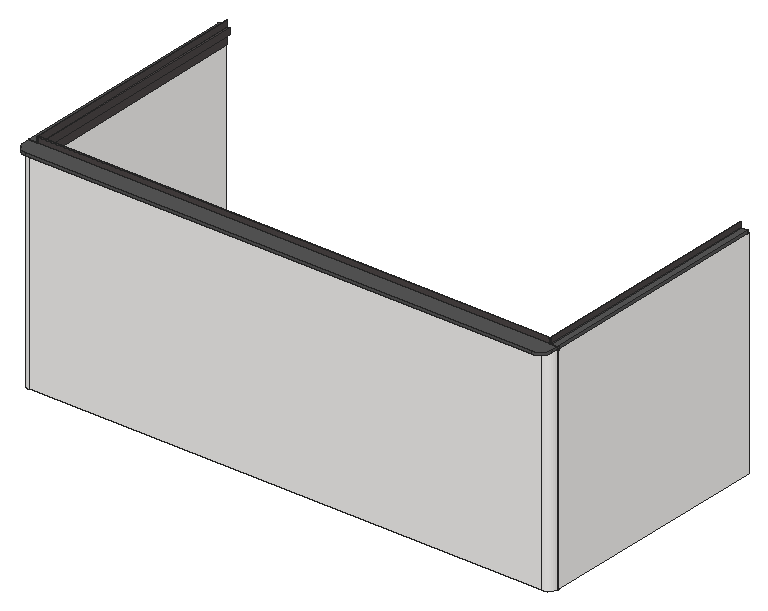
Revit family "vanity unit with 1 drawers for consoles with countertop basin ground", category Furniture, Revit 2019 (continued)
Definition of nested family "vanity unit 1180_550 with 1 drawer for consoles with countertop basin ground-54062000-high gloss white-chrome-200_conten"
  Forms (mm)
    Extrusion 1, solid, visible <- "ContentVisible", detail levels medium+fine
      sketch origin (0, 0, 0) x (1, 0, 0) y (0, 1, 0)
        loop
          line (-590, 0) -> (-590, -551) -> (590, -551) -> (590, 0) -> (574, 0) -> (574, -117) -> (-574, -117) -> (-574, 0) -> (-590, 0)
      from 0 to 480
    Extrusion 2, solid, visible <- "ContentVisible", detail levels medium+fine
      sketch origin (0, 0, 480) x (1, 0, 0) y (0, 1, 0)
        loop
          line (-588.5, -528.5) -> (-588.5, -571) -> (588.5, -571) -> (588.5, -528.5) -> (-588.5, -528.5)
      from 0 to 5
    Extrusion 3, solid, visible <- "ContentVisible", detail levels medium+fine
      sketch origin (0, 0, 0) x (1, 0, 0) y (0, 0, -1)
        loop
          line (-574, -447) -> (-574, -485) -> (-572.5, -485) -> (-572.5, -447) -> (-574, -447)
      from -530 to 0
    Extrusion 4, solid, visible <- "ContentVisible", detail levels medium+fine
      sketch origin (0, 0, 0) x (1, 0, 0) y (0, 0, -1)
        loop
          line (572.5, -446.8) -> (572.5, -485) -> (574, -485) -> (574, -446.8) -> (572.5, -446.8)
      from -530 to 0
    Extrusion 5, solid, visible <- "ContentVisible", detail levels medium+fine
      sketch origin (0, 0, 480) x (1, 0, 0) y (0, 1, 0)
        loop
          line (-590, 0) -> (-590, -530) -> (-574, -530) -> (-574, 0) -> (-590, 0)
      from 0 to 5
    Extrusion 6, solid, visible <- "ContentVisible", detail levels medium+fine
      sketch origin (0, 0, 480) x (1, 0, 0) y (0, 1, 0)
        loop
          line (574, 0) -> (574, -530) -> (590, -530) -> (590, 0) -> (574, 0)
      from 0 to 5
    Extrusion 7, solid, visible <- "ContentVisible", detail levels medium+fine
      sketch origin (0, 0, 0) x (1, 0, 0) y (0, 0, -1)
        loop
          line (-572.5, -447) -> (-572.5, -496) -> (-566.4, -496) -> (-566.4, -447) -> (-572.5, -447)
      from -528.5 to 0
    Extrusion 8, solid, visible <- "ContentVisible", detail levels medium+fine
      sketch origin (0, 0, 0) x (1, 0, 0) y (0, 0, -1)
        loop
          line (566.4, -447) -> (566.4, -496) -> (572.5, -496) -> (572.5, -447) -> (566.4, -447)
      from -528.5 to 0
    Extrusion 9, solid, visible <- "ContentVisible", detail levels medium+fine
      sketch origin (0, 0, 0) x (0, 0, -1) y (0, 1, 0)
        loop
          line (-496, -528.5) -> (-447, -528.5) -> (-447, -522.4) -> (-496, -522.4) -> (-496, -528.5)
      from -572.5 to 572.5
    Extrusion 10, solid, visible <- "ContentVisible", detail levels coarse
      sketch origin (0, -285.5, 0) x (1, 0, 0) y (0, 1, 0)
        loop
          line (-590, -285.5) -> (590, -285.5) -> (590, 285.5) -> (-590, 285.5) -> (-590, -285.5)
      from 0 to 496
  Dimensions and locks
    aligned and locked: level to plane 2
Definition of nested family "vanity unit 1180_550 with 1 drawer for consoles with countertop basin ground-54062000-high gloss white-chrome-400_conten"
  Parameters (values of type "Vanity unit 1180_550 with 1 drawer for consoles with countertop basin ground-54062000-High Gloss White-CHROME-400_Conten")
    etim7_EC011381 = "EC011381"
    WEIGHT = "34.3"
    UNSPSC = "56 | Furniture and Furnishings"
    UNIFORMATII = "E2010 | Fixed Furnishings"
    UNICLASS_2015_CODE = "40_30_78_05"
    UNICLASS2015 = "Pr_40_30_78_05 | Bathroom furniture"
    SURFACE = "CHROME"
    REGIONSET = "Worldwide"
    PRODUCTURL = "https://pro.hansgrohe.com/articledetail--54062000"
    PRODUCTGROUP = "vanity unit"
    PRODUCTFAMILY = "Xelu Q"
    PERMALINK = "54062XXX"
    OMNICLASS = "23-21 19 15 33 13 | Residential Bathroom Specialty Casework"
    OBJECTTYPE = "Object (single object)"
    OBERFLAECHE = "High Gloss White"
    NN = "Vanity Unit with 1 Drawers for consoles with countertop basin ground"
    NBSYN = "$BASENUMBER.-$ARTNR.-$OBERFLAECHE.-$SURFACE.-$LODLEVEL."
    NB = "Vanity unit 1180/550 with 1 drawer for consoles with countertop basin ground-54062000-High Gloss White-CHROME-400"
    NAME = "Xelu Q Vanity unit High Gloss White 1180/550 with 1 drawer for consoles with countertop basin ground"
    Model = "Vanity unit 1180/550 with 1 drawer for consoles with countertop basin ground-54062000-High Gloss White-CHROME-400"
    Manufacturer = "Hansgrohe"
    MASTERFORMAT = "12 35 30.23 | Bathroom Casework"
    LODLEVEL = "400"
    LINA = "Vanity unit 1180/550 with 1 drawer for consoles with countertop basin ground-54062000-High Gloss White-CHROME-400"
    L = 1180
    IFC = "Furnishing element"
    GTINCODE = "4059625456095"
    ETIM = "EC011381 | Bathroom furniture set"
    Default Elevation = 1219.2 mm
    DESIGN = "Germany"
    ContentVisible [instance] = yes
    CATALOG = "Hansgrohe"
    BIMOBJECT = "Sanitary: Compound units"
    BASENUMBER = "Vanity unit 1180/550 with 1 drawer for consoles with countertop basin ground"
    ARTNR = "54062000"
  Reference planes
    plane 1 "Center (Front/Back)": y = 0
    plane 2: z = 0
    plane 3 "Center (Left/Right)": x = 0
  Forms (mm)
    Extrusion 1, solid, visible <- "ContentVisible", detail levels medium+fine
      sketch origin (0, 0, 0) x (1, 0, 0) y (0, 1, 0)
        loop
          line (-590, 0) -> (-590, -527)
          arc (-590, -527) -> (-589.121, -529.121) -> (-587, -530) r 3
          line (-587, -530) -> (-574, -530) -> (-574, 0) -> (-590, 0)
      from 0 to 480
    Extrusion 2, solid, visible <- "ContentVisible", detail levels medium+fine
      sketch origin (0, 0, 0) x (1, 0, 0) y (0, 1, 0)
        loop
          line (-574, -133) -> (-574, -499.5) -> (574, -499.5) -> (574, -133) -> (-574, -133)
      from 0 to 16
    Extrusion 3, solid, visible <- "ContentVisible", detail levels medium+fine
      sketch origin (0, 0, 0) x (1, 0, 0) y (0, 1, 0)
        loop
          line (574, 0) -> (574, -530) -> (587, -530)
          arc (587, -530) -> (589.121, -529.121) -> (590, -527) r 3
          line (590, -527) -> (590, 0) -> (574, 0)
      from 0 to 480
    Extrusion 4, solid, visible <- "ContentVisible", detail levels medium+fine
      sketch origin (0, 0, 0) x (1, 0, 0) y (0, 1, 0)
        loop
          line (-574, -117) -> (-574, -133) -> (574, -133) -> (574, -117) -> (-574, -117)
      from 0 to 126
    Extrusion 5, solid, visible <- "ContentVisible", detail levels medium+fine
      sketch origin (0, 0, 2) x (1, 0, 0) y (0, 1, 0)
        loop
          arc (-590, -532) -> (-584.435, -545.435) -> (-571, -551) r 19
          line (-571, -551) -> (571, -551)
          arc (571, -551) -> (584.435, -545.435) -> (590, -532) r 19
          line (590, -532) -> (590, -530) -> (-590, -530) -> (-590, -532)
      from 0 to 478
    Extrusion 6, solid, visible <- "ContentVisible", detail levels medium+fine
      sketch origin (0, 0, 480) x (1, 0, 0) y (0, 1, 0)
        loop
          line (-588.5, -530) -> (-588.5, -546)
          arc (-588.5, -546) -> (-581.178, -563.678) -> (-563.5, -571) r 25
          line (-563.5, -571) -> (563.5, -571)
          arc (563.5, -571) -> (581.178, -563.678) -> (588.5, -546) r 25
          line (588.5, -546) -> (588.5, -530) -> (568.5, -530) -> (568.5, -528.5) -> (-568.5, -528.5) -> (-568.5, -530) -> (-588.5, -530)
      from 0 to 5
    Extrusion 7, solid, visible <- "ContentVisible", detail levels medium+fine
      sketch origin (0, 0, 0) x (0, 0, -1) y (0, 1, 0)
        loop
          line (-480, -528.5) -> (-480, -530) -> (-450, -530) -> (-450, -528.5) -> (-480, -528.5)
      from -568.5 to 568.5
    Extrusion 8, solid, visible <- "ContentVisible", detail levels medium+fine
      sketch origin (0, 0, 0) x (1, 0, 0) y (0, 0, -1)
        loop
          line (-574, -447) -> (-574, -485) -> (-572.5, -485) -> (-572.5, -447) -> (-574, -447)
      from -530 to 0
    Extrusion 9, solid, visible <- "ContentVisible", detail levels medium+fine
      sketch origin (0, 0, 0) x (1, 0, 0) y (0, 0, -1)
        loop
          line (572.5, -446.8) -> (572.5, -485) -> (574, -485) -> (574, -446.8) -> (572.5, -446.8)
      from -530 to 0
    Extrusion 10, solid, visible <- "ContentVisible", detail levels medium+fine
      sketch origin (0, 0, 480) x (1, 0, 0) y (0, 1, 0)
        loop
          line (-590, -3) -> (-590, -527)
          arc (-590, -527) -> (-589.121, -529.121) -> (-587, -530) r 3
          line (-587, -530) -> (-574, -530) -> (-574, 0) -> (-587, 0)
          arc (-587, 0) -> (-589.121, -0.879) -> (-590, -3) r 3
      from 0 to 5
    Extrusion 11, solid, visible <- "ContentVisible", detail levels medium+fine
      sketch origin (0, 0, 480) x (1, 0, 0) y (0, 1, 0)
        loop
          line (574, 0) -> (574, -530) -> (587, -530)
          arc (587, -530) -> (589.121, -529.121) -> (590, -527) r 3
          line (590, -527) -> (590, -3)
          arc (590, -3) -> (589.121, -0.879) -> (587, 0) r 3
          line (587, 0) -> (574, 0)
      from 0 to 5
    Extrusion 12, solid, visible <- "ContentVisible", detail levels medium+fine
      sketch origin (0, 0, 0) x (1, 0, 0) y (0, 0, -1)
        loop
          line (-572.5, -447) -> (-572.5, -496) -> (-571, -496) -> (-571, -483) -> (-566.4, -483) -> (-566.4, -468.5) -> (-571, -468.5) -> (-571, -447) -> (-572.5, -447)
      from -528.5 to 0
    Extrusion 13, solid, visible <- "ContentVisible", detail levels medium+fine
      sketch origin (0, 0, 0) x (1, 0, 0) y (0, 0, -1)
        loop
          line (566.4, -468.5) -> (566.4, -483) -> (571, -483) -> (571, -496) -> (572.5, -496) -> (572.5, -447) -> (571, -447) -> (571, -468.5) -> (566.4, -468.5)
      from -528.5 to 0
    Extrusion 14, solid, visible <- "ContentVisible", detail levels medium+fine
      sketch origin (0, 0, 0) x (0, 0, -1) y (0, 1, 0)
        loop
          line (-496, -528.5) -> (-447, -528.5) -> (-447, -527) -> (-468.5, -527) -> (-468.5, -522.4) -> (-483, -522.4) -> (-483, -527) -> (-496, -527) -> (-496, -528.5)
      from -572.5 to 572.5
    Extrusion 15, solid, visible <- "ContentVisible", detail levels medium+fine
      sketch origin (0, 0, 0) x (0, 0, -1) y (0, 1, 0)
        loop
          line (-440, -477) -> (-440, -493) -> (-366, -493) -> (-366, -477) -> (-440, -477)
      from -574 to 574
    Extrusion 16, solid, visible <- "ContentVisible", detail levels coarse
      sketch origin (0, -285.5, 0) x (1, 0, 0) y (0, 1, 0)
        loop
          line (-590, -285.5) -> (590, -285.5) -> (590, 285.5) -> (-590, 285.5) -> (-590, -285.5)
      from 0 to 496
  Dimensions and locks
    aligned and locked: level to plane 2
Definition of nested family "vanity unit 1180_550 with 1 drawer for consoles with countertop basin ground-54062670-high gloss white-matt_black-200_co"
  Parameters (values of type "Vanity unit 1180_550 with 1 drawer for consoles with countertop basin ground-54062670-High Gloss White-MATT_BLACK-200_Co")
    etim7_EC011381 = "EC011381"
    WEIGHT = "34.3"
    UNSPSC = "56 | Furniture and Furnishings"
    UNIFORMATII = "E2010 | Fixed Furnishings"
    UNICLASS_2015_CODE = "40_30_78_05"
    UNICLASS2015 = "Pr_40_30_78_05 | Bathroom furniture"
    SURFACE = "MATT_BLACK"
    REGIONSET = "Worldwide"
    PRODUCTURL = "https://pro.hansgrohe.com/articledetail--54062000"
    PRODUCTGROUP = "vanity unit"
    PRODUCTFAMILY = "Xelu Q"
    PERMALINK = "54062XXX"
    OMNICLASS = "23-21 19 15 33 13 | Residential Bathroom Specialty Casework"
    OBJECTTYPE = "Object (single object)"
    OBERFLAECHE = "High Gloss White"
    NN = "Vanity Unit with 1 Drawers for consoles with countertop basin ground"
    NBSYN = "$BASENUMBER.-$ARTNR.-$OBERFLAECHE.-$SURFACE.-$LODLEVEL."
    NB = "Vanity unit 1180/550 with 1 drawer for consoles with countertop basin ground-54062670-High Gloss White-MATT_BLACK-200"
    NAME = "Xelu Q Vanity unit High Gloss White 1180/550 with 1 drawer for consoles with countertop basin ground"
    Model = "Vanity unit 1180/550 with 1 drawer for consoles with countertop basin ground-54062670-High Gloss White-MATT_BLACK-200"
    Manufacturer = "Hansgrohe"
    MASTERFORMAT = "12 35 30.23 | Bathroom Casework"
    LODLEVEL = "200"
    LINA = "Vanity unit 1180/550 with 1 drawer for consoles with countertop basin ground-54062670-High Gloss White-MATT_BLACK-200"
    L = 1180
    IFC = "Furnishing element"
    GTINCODE = "4059625456095"
    ETIM = "EC011381 | Bathroom furniture set"
    Default Elevation = 1219.2 mm
    DESIGN = "Germany"
    ContentVisible [instance] = yes
    CATALOG = "Hansgrohe"
    BIMOBJECT = "Sanitary: Compound units"
    BASENUMBER = "Vanity unit 1180/550 with 1 drawer for consoles with countertop basin ground"
    ARTNR = "54062670"
  Reference planes
    plane 1 "Center (Front/Back)": y = 0
    plane 2: z = 0
    plane 3 "Center (Left/Right)": x = 0
  Forms (mm)
    Extrusion 1, solid, visible <- "ContentVisible", detail levels medium+fine
      sketch origin (0, 0, 0) x (1, 0, 0) y (0, 1, 0)
        loop
          line (-590, 0) -> (-590, -551) -> (590, -551) -> (590, 0) -> (574, 0) -> (574, -117) -> (-574, -117) -> (-574, 0) -> (-590, 0)
      from 0 to 480
    Extrusion 2, solid, visible <- "ContentVisible", detail levels medium+fine
      sketch origin (0, 0, 480) x (1, 0, 0) y (0, 1, 0)
        loop
          line (-588.5, -528.5) -> (-588.5, -571) -> (588.5, -571) -> (588.5, -528.5) -> (-588.5, -528.5)
      from 0 to 5
    Extrusion 3, solid, visible <- "ContentVisible", detail levels medium+fine
      sketch origin (0, 0, 0) x (1, 0, 0) y (0, 0, -1)
        loop
          line (-574, -447) -> (-574, -485) -> (-572.5, -485) -> (-572.5, -447) -> (-574, -447)
      from -530 to 0
    Extrusion 4, solid, visible <- "ContentVisible", detail levels medium+fine
      sketch origin (0, 0, 0) x (1, 0, 0) y (0, 0, -1)
        loop
          line (572.5, -446.8) -> (572.5, -485) -> (574, -485) -> (574, -446.8) -> (572.5, -446.8)
      from -530 to 0
    Extrusion 5, solid, visible <- "ContentVisible", detail levels medium+fine
      sketch origin (0, 0, 480) x (1, 0, 0) y (0, 1, 0)
        loop
          line (-590, 0) -> (-590, -530) -> (-574, -530) -> (-574, 0) -> (-590, 0)
      from 0 to 5
    Extrusion 6, solid, visible <- "ContentVisible", detail levels medium+fine
      sketch origin (0, 0, 480) x (1, 0, 0) y (0, 1, 0)
        loop
          line (574, 0) -> (574, -530) -> (590, -530) -> (590, 0) -> (574, 0)
      from 0 to 5
    Extrusion 7, solid, visible <- "ContentVisible", detail levels medium+fine
      sketch origin (0, 0, 0) x (1, 0, 0) y (0, 0, -1)
        loop
          line (-572.5, -447) -> (-572.5, -496) -> (-566.4, -496) -> (-566.4, -447) -> (-572.5, -447)
      from -528.5 to 0
    Extrusion 8, solid, visible <- "ContentVisible", detail levels medium+fine
      sketch origin (0, 0, 0) x (1, 0, 0) y (0, 0, -1)
        loop
          line (566.4, -447) -> (566.4, -496) -> (572.5, -496) -> (572.5, -447) -> (566.4, -447)
      from -528.5 to 0
    Extrusion 9, solid, visible <- "ContentVisible", detail levels medium+fine
      sketch origin (0, 0, 0) x (0, 0, -1) y (0, 1, 0)
        loop
          line (-496, -528.5) -> (-447, -528.5) -> (-447, -522.4) -> (-496, -522.4) -> (-496, -528.5)
      from -572.5 to 572.5
    Extrusion 10, solid, visible <- "ContentVisible", detail levels coarse
      sketch origin (0, -285.5, 0) x (1, 0, 0) y (0, 1, 0)
        loop
          line (-590, -285.5) -> (590, -285.5) -> (590, 285.5) -> (-590, 285.5) -> (-590, -285.5)
      from 0 to 496
  Dimensions and locks
    aligned and locked: level to plane 2
Definition of nested family "vanity unit 1180_550 with 1 drawer for consoles with countertop basin ground-54062700-high gloss white-matt_white-200_co"
  Parameters (values of type "Vanity unit 1180_550 with 1 drawer for consoles with countertop basin ground-54062700-High Gloss White-MATT_WHITE-200_Co")
    etim7_EC011381 = "EC011381"
    WEIGHT = "34.3"
    UNSPSC = "56 | Furniture and Furnishings"
    UNIFORMATII = "E2010 | Fixed Furnishings"
    UNICLASS_2015_CODE = "40_30_78_05"
    UNICLASS2015 = "Pr_40_30_78_05 | Bathroom furniture"
    SURFACE = "MATT_WHITE"
    REGIONSET = "Worldwide"
    PRODUCTURL = "https://pro.hansgrohe.com/articledetail--54062000"
    PRODUCTGROUP = "vanity unit"
    PRODUCTFAMILY = "Xelu Q"
    PERMALINK = "54062XXX"
    OMNICLASS = "23-21 19 15 33 13 | Residential Bathroom Specialty Casework"
    OBJECTTYPE = "Object (single object)"
    OBERFLAECHE = "High Gloss White"
    NN = "Vanity Unit with 1 Drawers for consoles with countertop basin ground"
    NBSYN = "$BASENUMBER.-$ARTNR.-$OBERFLAECHE.-$SURFACE.-$LODLEVEL."
    NB = "Vanity unit 1180/550 with 1 drawer for consoles with countertop basin ground-54062700-High Gloss White-MATT_WHITE-200"
    NAME = "Xelu Q Vanity unit High Gloss White 1180/550 with 1 drawer for consoles with countertop basin ground"
    Model = "Vanity unit 1180/550 with 1 drawer for consoles with countertop basin ground-54062700-High Gloss White-MATT_WHITE-200"
    Manufacturer = "Hansgrohe"
    MASTERFORMAT = "12 35 30.23 | Bathroom Casework"
    LODLEVEL = "200"
    LINA = "Vanity unit 1180/550 with 1 drawer for consoles with countertop basin ground-54062700-High Gloss White-MATT_WHITE-200"
    L = 1180
    IFC = "Furnishing element"
    GTINCODE = "4059625456095"
    ETIM = "EC011381 | Bathroom furniture set"
    Default Elevation = 1219.2 mm
    DESIGN = "Germany"
    ContentVisible [instance] = yes
    CATALOG = "Hansgrohe"
    BIMOBJECT = "Sanitary: Compound units"
    BASENUMBER = "Vanity unit 1180/550 with 1 drawer for consoles with countertop basin ground"
    ARTNR = "54062700"
  Reference planes
    plane 1 "Center (Front/Back)": y = 0
    plane 2: z = 0
    plane 3 "Center (Left/Right)": x = 0
  Forms (mm)
    Extrusion 1, solid, visible <- "ContentVisible", detail levels medium+fine
      sketch origin (0, 0, 0) x (1, 0, 0) y (0, 1, 0)
        loop
          line (-590, 0) -> (-590, -551) -> (590, -551) -> (590, 0) -> (574, 0) -> (574, -117) -> (-574, -117) -> (-574, 0) -> (-590, 0)
      from 0 to 480
    Extrusion 2, solid, visible <- "ContentVisible", detail levels medium+fine
      sketch origin (0, 0, 480) x (1, 0, 0) y (0, 1, 0)
        loop
          line (-588.5, -528.5) -> (-588.5, -571) -> (588.5, -571) -> (588.5, -528.5) -> (-588.5, -528.5)
      from 0 to 5
    Extrusion 3, solid, visible <- "ContentVisible", detail levels medium+fine
      sketch origin (0, 0, 0) x (1, 0, 0) y (0, 0, -1)
        loop
          line (-574, -447) -> (-574, -485) -> (-572.5, -485) -> (-572.5, -447) -> (-574, -447)
      from -530 to 0
    Extrusion 4, solid, visible <- "ContentVisible", detail levels medium+fine
      sketch origin (0, 0, 0) x (1, 0, 0) y (0, 0, -1)
        loop
          line (572.5, -446.8) -> (572.5, -485) -> (574, -485) -> (574, -446.8) -> (572.5, -446.8)
      from -530 to 0
    Extrusion 5, solid, visible <- "ContentVisible", detail levels medium+fine
      sketch origin (0, 0, 480) x (1, 0, 0) y (0, 1, 0)
        loop
          line (-590, 0) -> (-590, -530) -> (-574, -530) -> (-574, 0) -> (-590, 0)
      from 0 to 5
    Extrusion 6, solid, visible <- "ContentVisible", detail levels medium+fine
      sketch origin (0, 0, 480) x (1, 0, 0) y (0, 1, 0)
        loop
          line (574, 0) -> (574, -530) -> (590, -530) -> (590, 0) -> (574, 0)
      from 0 to 5
    Extrusion 7, solid, visible <- "ContentVisible", detail levels medium+fine
      sketch origin (0, 0, 0) x (1, 0, 0) y (0, 0, -1)
        loop
          line (-572.5, -447) -> (-572.5, -496) -> (-566.4, -496) -> (-566.4, -447) -> (-572.5, -447)
      from -528.5 to 0
    Extrusion 8, solid, visible <- "ContentVisible", detail levels medium+fine
      sketch origin (0, 0, 0) x (1, 0, 0) y (0, 0, -1)
        loop
          line (566.4, -447) -> (566.4, -496) -> (572.5, -496) -> (572.5, -447) -> (566.4, -447)
      from -528.5 to 0
    Extrusion 9, solid, visible <- "ContentVisible", detail levels medium+fine
      sketch origin (0, 0, 0) x (0, 0, -1) y (0, 1, 0)
        loop
          line (-496, -528.5) -> (-447, -528.5) -> (-447, -522.4) -> (-496, -522.4) -> (-496, -528.5)
      from -572.5 to 572.5
    Extrusion 10, solid, visible <- "ContentVisible", detail levels coarse
      sketch origin (0, -285.5, 0) x (1, 0, 0) y (0, 1, 0)
        loop
          line (-590, -285.5) -> (590, -285.5) -> (590, 285.5) -> (-590, 285.5) -> (-590, -285.5)
      from 0 to 496
  Dimensions and locks
    aligned and locked: level to plane 2
Definition of nested family "vanity unit 1180_550 with 1 drawer for consoles with countertop basin ground-54062700-high gloss white-matt_white-400_co"
  Parameters (values of type "Vanity unit 1180_550 with 1 drawer for consoles with countertop basin ground-54062700-High Gloss White-MATT_WHITE-400_Co")
    etim7_EC011381 = "EC011381"
    WEIGHT = "34.3"
    UNSPSC = "56 | Furniture and Furnishings"
    UNIFORMATII = "E2010 | Fixed Furnishings"
    UNICLASS_2015_CODE = "40_30_78_05"
    UNICLASS2015 = "Pr_40_30_78_05 | Bathroom furniture"
    SURFACE = "MATT_WHITE"
    REGIONSET = "Worldwide"
    PRODUCTURL = "https://pro.hansgrohe.com/articledetail--54062000"
    PRODUCTGROUP = "vanity unit"
    PRODUCTFAMILY = "Xelu Q"
    PERMALINK = "54062XXX"
    OMNICLASS = "23-21 19 15 33 13 | Residential Bathroom Specialty Casework"
    OBJECTTYPE = "Object (single object)"
    OBERFLAECHE = "High Gloss White"
    NN = "Vanity Unit with 1 Drawers for consoles with countertop basin ground"
    NBSYN = "$BASENUMBER.-$ARTNR.-$OBERFLAECHE.-$SURFACE.-$LODLEVEL."
    NB = "Vanity unit 1180/550 with 1 drawer for consoles with countertop basin ground-54062700-High Gloss White-MATT_WHITE-400"
    NAME = "Xelu Q Vanity unit High Gloss White 1180/550 with 1 drawer for consoles with countertop basin ground"
    Model = "Vanity unit 1180/550 with 1 drawer for consoles with countertop basin ground-54062700-High Gloss White-MATT_WHITE-400"
    Manufacturer = "Hansgrohe"
    MASTERFORMAT = "12 35 30.23 | Bathroom Casework"
    LODLEVEL = "400"
    LINA = "Vanity unit 1180/550 with 1 drawer for consoles with countertop basin ground-54062700-High Gloss White-MATT_WHITE-400"
    L = 1180
    IFC = "Furnishing element"
    GTINCODE = "4059625456095"
    ETIM = "EC011381 | Bathroom furniture set"
    Default Elevation = 1219.2 mm
    DESIGN = "Germany"
    ContentVisible [instance] = yes
    CATALOG = "Hansgrohe"
    BIMOBJECT = "Sanitary: Compound units"
    BASENUMBER = "Vanity unit 1180/550 with 1 drawer for consoles with countertop basin ground"
    ARTNR = "54062700"
  Reference planes
    plane 1 "Center (Front/Back)": y = 0
    plane 2: z = 0
    plane 3 "Center (Left/Right)": x = 0
  Forms (mm)
    Extrusion 1, solid, visible <- "ContentVisible", detail levels medium+fine
      sketch origin (0, 0, 0) x (1, 0, 0) y (0, 1, 0)
        loop
          line (-590, 0) -> (-590, -527)
          arc (-590, -527) -> (-589.121, -529.121) -> (-587, -530) r 3
          line (-587, -530) -> (-574, -530) -> (-574, 0) -> (-590, 0)
      from 0 to 480
    Extrusion 2, solid, visible <- "ContentVisible", detail levels medium+fine
      sketch origin (0, 0, 0) x (1, 0, 0) y (0, 1, 0)
        loop
          line (-574, -133) -> (-574, -499.5) -> (574, -499.5) -> (574, -133) -> (-574, -133)
      from 0 to 16
    Extrusion 3, solid, visible <- "ContentVisible", detail levels medium+fine
      sketch origin (0, 0, 0) x (1, 0, 0) y (0, 1, 0)
        loop
          line (574, 0) -> (574, -530) -> (587, -530)
          arc (587, -530) -> (589.121, -529.121) -> (590, -527) r 3
          line (590, -527) -> (590, 0) -> (574, 0)
      from 0 to 480
    Extrusion 4, solid, visible <- "ContentVisible", detail levels medium+fine
      sketch origin (0, 0, 0) x (1, 0, 0) y (0, 1, 0)
        loop
          line (-574, -117) -> (-574, -133) -> (574, -133) -> (574, -117) -> (-574, -117)
      from 0 to 126
    Extrusion 5, solid, visible <- "ContentVisible", detail levels medium+fine
      sketch origin (0, 0, 2) x (1, 0, 0) y (0, 1, 0)
        loop
          arc (-590, -532) -> (-584.435, -545.435) -> (-571, -551) r 19
          line (-571, -551) -> (571, -551)
          arc (571, -551) -> (584.435, -545.435) -> (590, -532) r 19
          line (590, -532) -> (590, -530) -> (-590, -530) -> (-590, -532)
      from 0 to 478
    Extrusion 6, solid, visible <- "ContentVisible", detail levels medium+fine
      sketch origin (0, 0, 480) x (1, 0, 0) y (0, 1, 0)
        loop
          line (-588.5, -530) -> (-588.5, -546)
          arc (-588.5, -546) -> (-581.178, -563.678) -> (-563.5, -571) r 25
          line (-563.5, -571) -> (563.5, -571)
          arc (563.5, -571) -> (581.178, -563.678) -> (588.5, -546) r 25
          line (588.5, -546) -> (588.5, -530) -> (568.5, -530) -> (568.5, -528.5) -> (-568.5, -528.5) -> (-568.5, -530) -> (-588.5, -530)
      from 0 to 5
    Extrusion 7, solid, visible <- "ContentVisible", detail levels medium+fine
      sketch origin (0, 0, 0) x (0, 0, -1) y (0, 1, 0)
        loop
          line (-480, -528.5) -> (-480, -530) -> (-450, -530) -> (-450, -528.5) -> (-480, -528.5)
      from -568.5 to 568.5
    Extrusion 8, solid, visible <- "ContentVisible", detail levels medium+fine
      sketch origin (0, 0, 0) x (1, 0, 0) y (0, 0, -1)
        loop
          line (-574, -447) -> (-574, -485) -> (-572.5, -485) -> (-572.5, -447) -> (-574, -447)
      from -530 to 0
    Extrusion 9, solid, visible <- "ContentVisible", detail levels medium+fine
      sketch origin (0, 0, 0) x (1, 0, 0) y (0, 0, -1)
        loop
          line (572.5, -446.8) -> (572.5, -485) -> (574, -485) -> (574, -446.8) -> (572.5, -446.8)
      from -530 to 0
    Extrusion 10, solid, visible <- "ContentVisible", detail levels medium+fine
      sketch origin (0, 0, 480) x (1, 0, 0) y (0, 1, 0)
        loop
          line (-590, -3) -> (-590, -527)
          arc (-590, -527) -> (-589.121, -529.121) -> (-587, -530) r 3
          line (-587, -530) -> (-574, -530) -> (-574, 0) -> (-587, 0)
          arc (-587, 0) -> (-589.121, -0.879) -> (-590, -3) r 3
      from 0 to 5
    Extrusion 11, solid, visible <- "ContentVisible", detail levels medium+fine
      sketch origin (0, 0, 480) x (1, 0, 0) y (0, 1, 0)
        loop
          line (574, 0) -> (574, -530) -> (587, -530)
          arc (587, -530) -> (589.121, -529.121) -> (590, -527) r 3
          line (590, -527) -> (590, -3)
          arc (590, -3) -> (589.121, -0.879) -> (587, 0) r 3
          line (587, 0) -> (574, 0)
      from 0 to 5
    Extrusion 12, solid, visible <- "ContentVisible", detail levels medium+fine
      sketch origin (0, 0, 0) x (1, 0, 0) y (0, 0, -1)
        loop
          line (-572.5, -447) -> (-572.5, -496) -> (-571, -496) -> (-571, -483) -> (-566.4, -483) -> (-566.4, -468.5) -> (-571, -468.5) -> (-571, -447) -> (-572.5, -447)
      from -528.5 to 0
    Extrusion 13, solid, visible <- "ContentVisible", detail levels medium+fine
      sketch origin (0, 0, 0) x (1, 0, 0) y (0, 0, -1)
        loop
          line (566.4, -468.5) -> (566.4, -483) -> (571, -483) -> (571, -496) -> (572.5, -496) -> (572.5, -447) -> (571, -447) -> (571, -468.5) -> (566.4, -468.5)
      from -528.5 to 0
    Extrusion 14, solid, visible <- "ContentVisible", detail levels medium+fine
      sketch origin (0, 0, 0) x (0, 0, -1) y (0, 1, 0)
        loop
          line (-496, -528.5) -> (-447, -528.5) -> (-447, -527) -> (-468.5, -527) -> (-468.5, -522.4) -> (-483, -522.4) -> (-483, -527) -> (-496, -527) -> (-496, -528.5)
      from -572.5 to 572.5
    Extrusion 15, solid, visible <- "ContentVisible", detail levels medium+fine
      sketch origin (0, 0, 0) x (0, 0, -1) y (0, 1, 0)
        loop
          line (-440, -477) -> (-440, -493) -> (-366, -493) -> (-366, -477) -> (-440, -477)
      from -574 to 574
    Extrusion 16, solid, visible <- "ContentVisible", detail levels coarse
      sketch origin (0, -285.5, 0) x (1, 0, 0) y (0, 1, 0)
        loop
          line (-590, -285.5) -> (590, -285.5) -> (590, 285.5) -> (-590, 285.5) -> (-590, -285.5)
      from 0 to 496
  Dimensions and locks
    aligned and locked: level to plane 2
Definition of nested family "vanity unit 1180_550 with 1 drawer for consoles with countertop basin ground-54063000-diamond matt grey-chrome-200_conte"
  Parameters (values of type "Vanity unit 1180_550 with 1 drawer for consoles with countertop basin ground-54063000-Diamond Matt Grey-CHROME-200_Conte")
    etim7_EC011381 = "EC011381"
    WEIGHT = "34.3"
    UNSPSC = "56 | Furniture and Furnishings"
    UNIFORMATII = "E2010 | Fixed Furnishings"
    UNICLASS_2015_CODE = "40_30_78_05"
    UNICLASS2015 = "Pr_40_30_78_05 | Bathroom furniture"
    SURFACE = "CHROME"
    REGIONSET = "Worldwide"
    PRODUCTURL = "https://pro.hansgrohe.com/articledetail--54063000"
    PRODUCTGROUP = "vanity unit"
    PRODUCTFAMILY = "Xelu Q"
    PERMALINK = "54063XXX"
    OMNICLASS = "23-21 19 15 33 13 | Residential Bathroom Specialty Casework"
    OBJECTTYPE = "Object (single object)"
    OBERFLAECHE = "Diamond Matt Grey"
    NN = "Vanity Unit with 1 Drawers for consoles with countertop basin ground"
    NBSYN = "$BASENUMBER.-$ARTNR.-$OBERFLAECHE.-$SURFACE.-$LODLEVEL."
    NB = "Vanity unit 1180/550 with 1 drawer for consoles with countertop basin ground-54063000-Diamond Matt Grey-CHROME-200"
    NAME = "Xelu Q Vanity unit Diamond Matt Grey 1180/550 with 1 drawer for consoles with countertop basin ground"
    Model = "Vanity unit 1180/550 with 1 drawer for consoles with countertop basin ground-54063000-Diamond Matt Grey-CHROME-200"
    Manufacturer = "Hansgrohe"
    MASTERFORMAT = "12 35 30.23 | Bathroom Casework"
    LODLEVEL = "200"
    LINA = "Vanity unit 1180/550 with 1 drawer for consoles with countertop basin ground-54063000-Diamond Matt Grey-CHROME-200"
    L = 1180
    IFC = "Furnishing element"
    GTINCODE = "4059625456064"
    ETIM = "EC011381 | Bathroom furniture set"
    Default Elevation = 1219.2 mm
    DESIGN = "Germany"
    ContentVisible [instance] = yes
    CATALOG = "Hansgrohe"
    BIMOBJECT = "Sanitary: Compound units"
    BASENUMBER = "Vanity unit 1180/550 with 1 drawer for consoles with countertop basin ground"
    ARTNR = "54063000"
  Reference planes
    plane 1 "Center (Front/Back)": y = 0
    plane 2: z = 0
    plane 3 "Center (Left/Right)": x = 0
  Forms (mm)
    Extrusion 1, solid, visible <- "ContentVisible", detail levels medium+fine
      sketch origin (0, 0, 0) x (1, 0, 0) y (0, 1, 0)
        loop
          line (-590, 0) -> (-590, -551) -> (590, -551) -> (590, 0) -> (574, 0) -> (574, -117) -> (-574, -117) -> (-574, 0) -> (-590, 0)
      from 0 to 480
    Extrusion 2, solid, visible <- "ContentVisible", detail levels medium+fine
      sketch origin (0, 0, 480) x (1, 0, 0) y (0, 1, 0)
        loop
          line (-588.5, -528.5) -> (-588.5, -571) -> (588.5, -571) -> (588.5, -528.5) -> (-588.5, -528.5)
      from 0 to 5
    Extrusion 3, solid, visible <- "ContentVisible", detail levels medium+fine
      sketch origin (0, 0, 0) x (1, 0, 0) y (0, 0, -1)
        loop
          line (-574, -447) -> (-574, -485) -> (-572.5, -485) -> (-572.5, -447) -> (-574, -447)
      from -530 to 0
    Extrusion 4, solid, visible <- "ContentVisible", detail levels medium+fine
      sketch origin (0, 0, 0) x (1, 0, 0) y (0, 0, -1)
        loop
          line (572.5, -446.8) -> (572.5, -485) -> (574, -485) -> (574, -446.8) -> (572.5, -446.8)
      from -530 to 0
    Extrusion 5, solid, visible <- "ContentVisible", detail levels medium+fine
      sketch origin (0, 0, 480) x (1, 0, 0) y (0, 1, 0)
        loop
          line (-590, 0) -> (-590, -530) -> (-574, -530) -> (-574, 0) -> (-590, 0)
      from 0 to 5
    Extrusion 6, solid, visible <- "ContentVisible", detail levels medium+fine
      sketch origin (0, 0, 480) x (1, 0, 0) y (0, 1, 0)
        loop
          line (574, 0) -> (574, -530) -> (590, -530) -> (590, 0) -> (574, 0)
      from 0 to 5
    Extrusion 7, solid, visible <- "ContentVisible", detail levels medium+fine
      sketch origin (0, 0, 0) x (1, 0, 0) y (0, 0, -1)
        loop
          line (-572.5, -447) -> (-572.5, -496) -> (-566.4, -496) -> (-566.4, -447) -> (-572.5, -447)
      from -528.5 to 0
    Extrusion 8, solid, visible <- "ContentVisible", detail levels medium+fine
      sketch origin (0, 0, 0) x (1, 0, 0) y (0, 0, -1)
        loop
          line (566.4, -447) -> (566.4, -496) -> (572.5, -496) -> (572.5, -447) -> (566.4, -447)
      from -528.5 to 0
    Extrusion 9, solid, visible <- "ContentVisible", detail levels medium+fine
      sketch origin (0, 0, 0) x (0, 0, -1) y (0, 1, 0)
        loop
          line (-496, -528.5) -> (-447, -528.5) -> (-447, -522.4) -> (-496, -522.4) -> (-496, -528.5)
      from -572.5 to 572.5
    Extrusion 10, solid, visible <- "ContentVisible", detail levels coarse
      sketch origin (0, -285.5, 0) x (1, 0, 0) y (0, 1, 0)
        loop
          line (-590, -285.5) -> (590, -285.5) -> (590, 285.5) -> (-590, 285.5) -> (-590, -285.5)
      from 0 to 496
  Dimensions and locks
    aligned and locked: level to plane 2
Definition of nested family "vanity unit 1180_550 with 1 drawer for consoles with countertop basin ground-54063000-diamond matt grey-chrome-400_conte"
  Parameters (values of type "Vanity unit 1180_550 with 1 drawer for consoles with countertop basin ground-54063000-Diamond Matt Grey-CHROME-400_Conte")
    etim7_EC011381 = "EC011381"
    WEIGHT = "34.3"
    UNSPSC = "56 | Furniture and Furnishings"
    UNIFORMATII = "E2010 | Fixed Furnishings"
    UNICLASS_2015_CODE = "40_30_78_05"
    UNICLASS2015 = "Pr_40_30_78_05 | Bathroom furniture"
    SURFACE = "CHROME"
    REGIONSET = "Worldwide"
    PRODUCTURL = "https://pro.hansgrohe.com/articledetail--54063000"
    PRODUCTGROUP = "vanity unit"
    PRODUCTFAMILY = "Xelu Q"
    PERMALINK = "54063XXX"
    OMNICLASS = "23-21 19 15 33 13 | Residential Bathroom Specialty Casework"
    OBJECTTYPE = "Object (single object)"
    OBERFLAECHE = "Diamond Matt Grey"
    NN = "Vanity Unit with 1 Drawers for consoles with countertop basin ground"
    NBSYN = "$BASENUMBER.-$ARTNR.-$OBERFLAECHE.-$SURFACE.-$LODLEVEL."
    NB = "Vanity unit 1180/550 with 1 drawer for consoles with countertop basin ground-54063000-Diamond Matt Grey-CHROME-400"
    NAME = "Xelu Q Vanity unit Diamond Matt Grey 1180/550 with 1 drawer for consoles with countertop basin ground"
    Model = "Vanity unit 1180/550 with 1 drawer for consoles with countertop basin ground-54063000-Diamond Matt Grey-CHROME-400"
    Manufacturer = "Hansgrohe"
    MASTERFORMAT = "12 35 30.23 | Bathroom Casework"
    LODLEVEL = "400"
    LINA = "Vanity unit 1180/550 with 1 drawer for consoles with countertop basin ground-54063000-Diamond Matt Grey-CHROME-400"
    L = 1180
    IFC = "Furnishing element"
    GTINCODE = "4059625456064"
    ETIM = "EC011381 | Bathroom furniture set"
    Default Elevation = 1219.2 mm
    DESIGN = "Germany"
    ContentVisible [instance] = yes
    CATALOG = "Hansgrohe"
    BIMOBJECT = "Sanitary: Compound units"
    BASENUMBER = "Vanity unit 1180/550 with 1 drawer for consoles with countertop basin ground"
    ARTNR = "54063000"
  Reference planes
    plane 1 "Center (Front/Back)": y = 0
    plane 2: z = 0
    plane 3 "Center (Left/Right)": x = 0
  Forms (mm)
    Extrusion 1, solid, visible <- "ContentVisible", detail levels medium+fine
      sketch origin (0, 0, 0) x (1, 0, 0) y (0, 1, 0)
        loop
          line (-590, 0) -> (-590, -527)
          arc (-590, -527) -> (-589.121, -529.121) -> (-587, -530) r 3
          line (-587, -530) -> (-574, -530) -> (-574, 0) -> (-590, 0)
      from 0 to 480
    Extrusion 2, solid, visible <- "ContentVisible", detail levels medium+fine
      sketch origin (0, 0, 0) x (1, 0, 0) y (0, 1, 0)
        loop
          line (-574, -133) -> (-574, -499.5) -> (574, -499.5) -> (574, -133) -> (-574, -133)
      from 0 to 16
    Extrusion 3, solid, visible <- "ContentVisible", detail levels medium+fine
      sketch origin (0, 0, 0) x (1, 0, 0) y (0, 1, 0)
        loop
          line (574, 0) -> (574, -530) -> (587, -530)
          arc (587, -530) -> (589.121, -529.121) -> (590, -527) r 3
          line (590, -527) -> (590, 0) -> (574, 0)
      from 0 to 480
    Extrusion 4, solid, visible <- "ContentVisible", detail levels medium+fine
      sketch origin (0, 0, 0) x (1, 0, 0) y (0, 1, 0)
        loop
          line (-574, -117) -> (-574, -133) -> (574, -133) -> (574, -117) -> (-574, -117)
      from 0 to 126
    Extrusion 5, solid, visible <- "ContentVisible", detail levels medium+fine
      sketch origin (0, 0, 2) x (1, 0, 0) y (0, 1, 0)
        loop
          arc (-590, -532) -> (-584.435, -545.435) -> (-571, -551) r 19
          line (-571, -551) -> (571, -551)
          arc (571, -551) -> (584.435, -545.435) -> (590, -532) r 19
          line (590, -532) -> (590, -530) -> (-590, -530) -> (-590, -532)
      from 0 to 478
    Extrusion 6, solid, visible <- "ContentVisible", detail levels medium+fine
      sketch origin (0, 0, 480) x (1, 0, 0) y (0, 1, 0)
        loop
          line (-588.5, -530) -> (-588.5, -546)
          arc (-588.5, -546) -> (-581.178, -563.678) -> (-563.5, -571) r 25
          line (-563.5, -571) -> (563.5, -571)
          arc (563.5, -571) -> (581.178, -563.678) -> (588.5, -546) r 25
          line (588.5, -546) -> (588.5, -530) -> (568.5, -530) -> (568.5, -528.5) -> (-568.5, -528.5) -> (-568.5, -530) -> (-588.5, -530)
      from 0 to 5
    Extrusion 7, solid, visible <- "ContentVisible", detail levels medium+fine
      sketch origin (0, 0, 0) x (0, 0, -1) y (0, 1, 0)
        loop
          line (-480, -528.5) -> (-480, -530) -> (-450, -530) -> (-450, -528.5) -> (-480, -528.5)
      from -568.5 to 568.5
    Extrusion 8, solid, visible <- "ContentVisible", detail levels medium+fine
      sketch origin (0, 0, 0) x (1, 0, 0) y (0, 0, -1)
        loop
          line (-574, -447) -> (-574, -485) -> (-572.5, -485) -> (-572.5, -447) -> (-574, -447)
      from -530 to 0
    Extrusion 9, solid, visible <- "ContentVisible", detail levels medium+fine
      sketch origin (0, 0, 0) x (1, 0, 0) y (0, 0, -1)
        loop
          line (572.5, -446.8) -> (572.5, -485) -> (574, -485) -> (574, -446.8) -> (572.5, -446.8)
      from -530 to 0
    Extrusion 10, solid, visible <- "ContentVisible", detail levels medium+fine
      sketch origin (0, 0, 480) x (1, 0, 0) y (0, 1, 0)
        loop
          line (-590, -3) -> (-590, -527)
          arc (-590, -527) -> (-589.121, -529.121) -> (-587, -530) r 3
          line (-587, -530) -> (-574, -530) -> (-574, 0) -> (-587, 0)
          arc (-587, 0) -> (-589.121, -0.879) -> (-590, -3) r 3
      from 0 to 5
    Extrusion 11, solid, visible <- "ContentVisible", detail levels medium+fine
      sketch origin (0, 0, 480) x (1, 0, 0) y (0, 1, 0)
        loop
          line (574, 0) -> (574, -530) -> (587, -530)
          arc (587, -530) -> (589.121, -529.121) -> (590, -527) r 3
          line (590, -527) -> (590, -3)
          arc (590, -3) -> (589.121, -0.879) -> (587, 0) r 3
          line (587, 0) -> (574, 0)
      from 0 to 5
    Extrusion 12, solid, visible <- "ContentVisible", detail levels medium+fine
      sketch origin (0, 0, 0) x (1, 0, 0) y (0, 0, -1)
        loop
          line (-572.5, -447) -> (-572.5, -496) -> (-571, -496) -> (-571, -483) -> (-566.4, -483) -> (-566.4, -468.5) -> (-571, -468.5) -> (-571, -447) -> (-572.5, -447)
      from -528.5 to 0
    Extrusion 13, solid, visible <- "ContentVisible", detail levels medium+fine
      sketch origin (0, 0, 0) x (1, 0, 0) y (0, 0, -1)
        loop
          line (566.4, -468.5) -> (566.4, -483) -> (571, -483) -> (571, -496) -> (572.5, -496) -> (572.5, -447) -> (571, -447) -> (571, -468.5) -> (566.4, -468.5)
      from -528.5 to 0
    Extrusion 14, solid, visible <- "ContentVisible", detail levels medium+fine
      sketch origin (0, 0, 0) x (0, 0, -1) y (0, 1, 0)
        loop
          line (-496, -528.5) -> (-447, -528.5) -> (-447, -527) -> (-468.5, -527) -> (-468.5, -522.4) -> (-483, -522.4) -> (-483, -527) -> (-496, -527) -> (-496, -528.5)
      from -572.5 to 572.5
    Extrusion 15, solid, visible <- "ContentVisible", detail levels medium+fine
      sketch origin (0, 0, 0) x (0, 0, -1) y (0, 1, 0)
        loop
          line (-440, -477) -> (-440, -493) -> (-366, -493) -> (-366, -477) -> (-440, -477)
      from -574 to 574
    Extrusion 16, solid, visible <- "ContentVisible", detail levels coarse
      sketch origin (0, -285.5, 0) x (1, 0, 0) y (0, 1, 0)
        loop
          line (-590, -285.5) -> (590, -285.5) -> (590, 285.5) -> (-590, 285.5) -> (-590, -285.5)
      from 0 to 496
  Dimensions and locks
    aligned and locked: level to plane 2
Definition of nested family "vanity unit 1180_550 with 1 drawer for consoles with countertop basin ground-54063670-diamond matt grey-matt_black-200_c"
  Parameters (values of type "Vanity unit 1180_550 with 1 drawer for consoles with countertop basin ground-54063670-Diamond Matt Grey-MATT_BLACK-200_C")
    etim7_EC011381 = "EC011381"
    WEIGHT = "34.3"
    UNSPSC = "56 | Furniture and Furnishings"
    UNIFORMATII = "E2010 | Fixed Furnishings"
    UNICLASS_2015_CODE = "40_30_78_05"
    UNICLASS2015 = "Pr_40_30_78_05 | Bathroom furniture"
    SURFACE = "MATT_BLACK"
    REGIONSET = "Worldwide"
    PRODUCTURL = "https://pro.hansgrohe.com/articledetail--54063000"
    PRODUCTGROUP = "vanity unit"
    PRODUCTFAMILY = "Xelu Q"
    PERMALINK = "54063XXX"
    OMNICLASS = "23-21 19 15 33 13 | Residential Bathroom Specialty Casework"
    OBJECTTYPE = "Object (single object)"
    OBERFLAECHE = "Diamond Matt Grey"
    NN = "Vanity Unit with 1 Drawers for consoles with countertop basin ground"
    NBSYN = "$BASENUMBER.-$ARTNR.-$OBERFLAECHE.-$SURFACE.-$LODLEVEL."
    NB = "Vanity unit 1180/550 with 1 drawer for consoles with countertop basin ground-54063670-Diamond Matt Grey-MATT_BLACK-200"
    NAME = "Xelu Q Vanity unit Diamond Matt Grey 1180/550 with 1 drawer for consoles with countertop basin ground"
    Model = "Vanity unit 1180/550 with 1 drawer for consoles with countertop basin ground-54063670-Diamond Matt Grey-MATT_BLACK-200"
    Manufacturer = "Hansgrohe"
    MASTERFORMAT = "12 35 30.23 | Bathroom Casework"
    LODLEVEL = "200"
    LINA = "Vanity unit 1180/550 with 1 drawer for consoles with countertop basin ground-54063670-Diamond Matt Grey-MATT_BLACK-200"
    L = 1180
    IFC = "Furnishing element"
    GTINCODE = "4059625456064"
    ETIM = "EC011381 | Bathroom furniture set"
    Default Elevation = 1219.2 mm
    DESIGN = "Germany"
    ContentVisible [instance] = yes
    CATALOG = "Hansgrohe"
    BIMOBJECT = "Sanitary: Compound units"
    BASENUMBER = "Vanity unit 1180/550 with 1 drawer for consoles with countertop basin ground"
    ARTNR = "54063670"
  Reference planes
    plane 1 "Center (Front/Back)": y = 0
    plane 2: z = 0
    plane 3 "Center (Left/Right)": x = 0
  Forms (mm)
    Extrusion 1, solid, visible <- "ContentVisible", detail levels medium+fine
      sketch origin (0, 0, 0) x (1, 0, 0) y (0, 1, 0)
        loop
          line (-590, 0) -> (-590, -551) -> (590, -551) -> (590, 0) -> (574, 0) -> (574, -117) -> (-574, -117) -> (-574, 0) -> (-590, 0)
      from 0 to 480
    Extrusion 2, solid, visible <- "ContentVisible", detail levels medium+fine
      sketch origin (0, 0, 480) x (1, 0, 0) y (0, 1, 0)
        loop
          line (-588.5, -528.5) -> (-588.5, -571) -> (588.5, -571) -> (588.5, -528.5) -> (-588.5, -528.5)
      from 0 to 5
    Extrusion 3, solid, visible <- "ContentVisible", detail levels medium+fine
      sketch origin (0, 0, 0) x (1, 0, 0) y (0, 0, -1)
        loop
          line (-574, -447) -> (-574, -485) -> (-572.5, -485) -> (-572.5, -447) -> (-574, -447)
      from -530 to 0
    Extrusion 4, solid, visible <- "ContentVisible", detail levels medium+fine
      sketch origin (0, 0, 0) x (1, 0, 0) y (0, 0, -1)
        loop
          line (572.5, -446.8) -> (572.5, -485) -> (574, -485) -> (574, -446.8) -> (572.5, -446.8)
      from -530 to 0
    Extrusion 5, solid, visible <- "ContentVisible", detail levels medium+fine
      sketch origin (0, 0, 480) x (1, 0, 0) y (0, 1, 0)
        loop
          line (-590, 0) -> (-590, -530) -> (-574, -530) -> (-574, 0) -> (-590, 0)
      from 0 to 5
    Extrusion 6, solid, visible <- "ContentVisible", detail levels medium+fine
      sketch origin (0, 0, 480) x (1, 0, 0) y (0, 1, 0)
        loop
          line (574, 0) -> (574, -530) -> (590, -530) -> (590, 0) -> (574, 0)
      from 0 to 5
    Extrusion 7, solid, visible <- "ContentVisible", detail levels medium+fine
      sketch origin (0, 0, 0) x (1, 0, 0) y (0, 0, -1)
        loop
          line (-572.5, -447) -> (-572.5, -496) -> (-566.4, -496) -> (-566.4, -447) -> (-572.5, -447)
      from -528.5 to 0
    Extrusion 8, solid, visible <- "ContentVisible", detail levels medium+fine
      sketch origin (0, 0, 0) x (1, 0, 0) y (0, 0, -1)
        loop
          line (566.4, -447) -> (566.4, -496) -> (572.5, -496) -> (572.5, -447) -> (566.4, -447)
      from -528.5 to 0
    Extrusion 9, solid, visible <- "ContentVisible", detail levels medium+fine
      sketch origin (0, 0, 0) x (0, 0, -1) y (0, 1, 0)
        loop
          line (-496, -528.5) -> (-447, -528.5) -> (-447, -522.4) -> (-496, -522.4) -> (-496, -528.5)
      from -572.5 to 572.5
    Extrusion 10, solid, visible <- "ContentVisible", detail levels coarse
      sketch origin (0, -285.5, 0) x (1, 0, 0) y (0, 1, 0)
        loop
          line (-590, -285.5) -> (590, -285.5) -> (590, 285.5) -> (-590, 285.5) -> (-590, -285.5)
      from 0 to 496
  Dimensions and locks
    aligned and locked: level to plane 2
Definition of nested family "vanity unit 1180_550 with 1 drawer for consoles with countertop basin ground-54063670-diamond matt grey-matt_black-400_c"
  Parameters (values of type "Vanity unit 1180_550 with 1 drawer for consoles with countertop basin ground-54063670-Diamond Matt Grey-MATT_BLACK-400_C")
    etim7_EC011381 = "EC011381"
    WEIGHT = "34.3"
    UNSPSC = "56 | Furniture and Furnishings"
    UNIFORMATII = "E2010 | Fixed Furnishings"
    UNICLASS_2015_CODE = "40_30_78_05"
    UNICLASS2015 = "Pr_40_30_78_05 | Bathroom furniture"
    SURFACE = "MATT_BLACK"
    REGIONSET = "Worldwide"
    PRODUCTURL = "https://pro.hansgrohe.com/articledetail--54063000"
    PRODUCTGROUP = "vanity unit"
    PRODUCTFAMILY = "Xelu Q"
    PERMALINK = "54063XXX"
    OMNICLASS = "23-21 19 15 33 13 | Residential Bathroom Specialty Casework"
    OBJECTTYPE = "Object (single object)"
    OBERFLAECHE = "Diamond Matt Grey"
    NN = "Vanity Unit with 1 Drawers for consoles with countertop basin ground"
    NBSYN = "$BASENUMBER.-$ARTNR.-$OBERFLAECHE.-$SURFACE.-$LODLEVEL."
    NB = "Vanity unit 1180/550 with 1 drawer for consoles with countertop basin ground-54063670-Diamond Matt Grey-MATT_BLACK-400"
    NAME = "Xelu Q Vanity unit Diamond Matt Grey 1180/550 with 1 drawer for consoles with countertop basin ground"
    Model = "Vanity unit 1180/550 with 1 drawer for consoles with countertop basin ground-54063670-Diamond Matt Grey-MATT_BLACK-400"
    Manufacturer = "Hansgrohe"
    MASTERFORMAT = "12 35 30.23 | Bathroom Casework"
    LODLEVEL = "400"
    LINA = "Vanity unit 1180/550 with 1 drawer for consoles with countertop basin ground-54063670-Diamond Matt Grey-MATT_BLACK-400"
    L = 1180
    IFC = "Furnishing element"
    GTINCODE = "4059625456064"
    ETIM = "EC011381 | Bathroom furniture set"
    Default Elevation = 1219.2 mm
    DESIGN = "Germany"
    ContentVisible [instance] = yes
    CATALOG = "Hansgrohe"
    BIMOBJECT = "Sanitary: Compound units"
    BASENUMBER = "Vanity unit 1180/550 with 1 drawer for consoles with countertop basin ground"
    ARTNR = "54063670"
  Reference planes
    plane 1 "Center (Front/Back)": y = 0
    plane 2: z = 0
    plane 3 "Center (Left/Right)": x = 0
  Forms (mm)
    Extrusion 1, solid, visible <- "ContentVisible", detail levels medium+fine
      sketch origin (0, 0, 0) x (1, 0, 0) y (0, 1, 0)
        loop
          line (-590, 0) -> (-590, -527)
          arc (-590, -527) -> (-589.121, -529.121) -> (-587, -530) r 3
          line (-587, -530) -> (-574, -530) -> (-574, 0) -> (-590, 0)
      from 0 to 480
    Extrusion 2, solid, visible <- "ContentVisible", detail levels medium+fine
      sketch origin (0, 0, 0) x (1, 0, 0) y (0, 1, 0)
        loop
          line (-574, -133) -> (-574, -499.5) -> (574, -499.5) -> (574, -133) -> (-574, -133)
      from 0 to 16
    Extrusion 3, solid, visible <- "ContentVisible", detail levels medium+fine
      sketch origin (0, 0, 0) x (1, 0, 0) y (0, 1, 0)
        loop
          line (574, 0) -> (574, -530) -> (587, -530)
          arc (587, -530) -> (589.121, -529.121) -> (590, -527) r 3
          line (590, -527) -> (590, 0) -> (574, 0)
      from 0 to 480
    Extrusion 4, solid, visible <- "ContentVisible", detail levels medium+fine
      sketch origin (0, 0, 0) x (1, 0, 0) y (0, 1, 0)
        loop
          line (-574, -117) -> (-574, -133) -> (574, -133) -> (574, -117) -> (-574, -117)
      from 0 to 126
    Extrusion 5, solid, visible <- "ContentVisible", detail levels medium+fine
      sketch origin (0, 0, 2) x (1, 0, 0) y (0, 1, 0)
        loop
          arc (-590, -532) -> (-584.435, -545.435) -> (-571, -551) r 19
          line (-571, -551) -> (571, -551)
          arc (571, -551) -> (584.435, -545.435) -> (590, -532) r 19
          line (590, -532) -> (590, -530) -> (-590, -530) -> (-590, -532)
      from 0 to 478
    Extrusion 6, solid, visible <- "ContentVisible", detail levels medium+fine
      sketch origin (0, 0, 480) x (1, 0, 0) y (0, 1, 0)
        loop
          line (-588.5, -530) -> (-588.5, -546)
          arc (-588.5, -546) -> (-581.178, -563.678) -> (-563.5, -571) r 25
          line (-563.5, -571) -> (563.5, -571)
          arc (563.5, -571) -> (581.178, -563.678) -> (588.5, -546) r 25
          line (588.5, -546) -> (588.5, -530) -> (568.5, -530) -> (568.5, -528.5) -> (-568.5, -528.5) -> (-568.5, -530) -> (-588.5, -530)
      from 0 to 5
    Extrusion 7, solid, visible <- "ContentVisible", detail levels medium+fine
      sketch origin (0, 0, 0) x (0, 0, -1) y (0, 1, 0)
        loop
          line (-480, -528.5) -> (-480, -530) -> (-450, -530) -> (-450, -528.5) -> (-480, -528.5)
      from -568.5 to 568.5
    Extrusion 8, solid, visible <- "ContentVisible", detail levels medium+fine
      sketch origin (0, 0, 0) x (1, 0, 0) y (0, 0, -1)
        loop
          line (-574, -447) -> (-574, -485) -> (-572.5, -485) -> (-572.5, -447) -> (-574, -447)
      from -530 to 0
    Extrusion 9, solid, visible <- "ContentVisible", detail levels medium+fine
      sketch origin (0, 0, 0) x (1, 0, 0) y (0, 0, -1)
        loop
          line (572.5, -446.8) -> (572.5, -485) -> (574, -485) -> (574, -446.8) -> (572.5, -446.8)
      from -530 to 0
    Extrusion 10, solid, visible <- "ContentVisible", detail levels medium+fine
      sketch origin (0, 0, 480) x (1, 0, 0) y (0, 1, 0)
        loop
          line (-590, -3) -> (-590, -527)
          arc (-590, -527) -> (-589.121, -529.121) -> (-587, -530) r 3
          line (-587, -530) -> (-574, -530) -> (-574, 0) -> (-587, 0)
          arc (-587, 0) -> (-589.121, -0.879) -> (-590, -3) r 3
      from 0 to 5
    Extrusion 11, solid, visible <- "ContentVisible", detail levels medium+fine
      sketch origin (0, 0, 480) x (1, 0, 0) y (0, 1, 0)
        loop
          line (574, 0) -> (574, -530) -> (587, -530)
          arc (587, -530) -> (589.121, -529.121) -> (590, -527) r 3
          line (590, -527) -> (590, -3)
          arc (590, -3) -> (589.121, -0.879) -> (587, 0) r 3
          line (587, 0) -> (574, 0)
      from 0 to 5
    Extrusion 12, solid, visible <- "ContentVisible", detail levels medium+fine
      sketch origin (0, 0, 0) x (1, 0, 0) y (0, 0, -1)
        loop
          line (-572.5, -447) -> (-572.5, -496) -> (-571, -496) -> (-571, -483) -> (-566.4, -483) -> (-566.4, -468.5) -> (-571, -468.5) -> (-571, -447) -> (-572.5, -447)
      from -528.5 to 0
    Extrusion 13, solid, visible <- "ContentVisible", detail levels medium+fine
      sketch origin (0, 0, 0) x (1, 0, 0) y (0, 0, -1)
        loop
          line (566.4, -468.5) -> (566.4, -483) -> (571, -483) -> (571, -496) -> (572.5, -496) -> (572.5, -447) -> (571, -447) -> (571, -468.5) -> (566.4, -468.5)
      from -528.5 to 0
    Extrusion 14, solid, visible <- "ContentVisible", detail levels medium+fine
      sketch origin (0, 0, 0) x (0, 0, -1) y (0, 1, 0)
        loop
          line (-496, -528.5) -> (-447, -528.5) -> (-447, -527) -> (-468.5, -527) -> (-468.5, -522.4) -> (-483, -522.4) -> (-483, -527) -> (-496, -527) -> (-496, -528.5)
      from -572.5 to 572.5
    Extrusion 15, solid, visible <- "ContentVisible", detail levels medium+fine
      sketch origin (0, 0, 0) x (0, 0, -1) y (0, 1, 0)
        loop
          line (-440, -477) -> (-440, -493) -> (-366, -493) -> (-366, -477) -> (-440, -477)
      from -574 to 574
    Extrusion 16, solid, visible <- "ContentVisible", detail levels coarse
      sketch origin (0, -285.5, 0) x (1, 0, 0) y (0, 1, 0)
        loop
          line (-590, -285.5) -> (590, -285.5) -> (590, 285.5) -> (-590, 285.5) -> (-590, -285.5)
      from 0 to 496
  Dimensions and locks
    aligned and locked: level to plane 2
Definition of nested family "vanity unit 1180_550 with 1 drawer for consoles with countertop basin ground-54063700-diamond matt grey-matt_white-200_c"
  Parameters (values of type "Vanity unit 1180_550 with 1 drawer for consoles with countertop basin ground-54063700-Diamond Matt Grey-MATT_WHITE-200_C")
    etim7_EC011381 = "EC011381"
    WEIGHT = "34.3"
    UNSPSC = "56 | Furniture and Furnishings"
    UNIFORMATII = "E2010 | Fixed Furnishings"
    UNICLASS_2015_CODE = "40_30_78_05"
    UNICLASS2015 = "Pr_40_30_78_05 | Bathroom furniture"
    SURFACE = "MATT_WHITE"
    REGIONSET = "Worldwide"
    PRODUCTURL = "https://pro.hansgrohe.com/articledetail--54063000"
    PRODUCTGROUP = "vanity unit"
    PRODUCTFAMILY = "Xelu Q"
    PERMALINK = "54063XXX"
    OMNICLASS = "23-21 19 15 33 13 | Residential Bathroom Specialty Casework"
    OBJECTTYPE = "Object (single object)"
    OBERFLAECHE = "Diamond Matt Grey"
    NN = "Vanity Unit with 1 Drawers for consoles with countertop basin ground"
    NBSYN = "$BASENUMBER.-$ARTNR.-$OBERFLAECHE.-$SURFACE.-$LODLEVEL."
    NB = "Vanity unit 1180/550 with 1 drawer for consoles with countertop basin ground-54063700-Diamond Matt Grey-MATT_WHITE-200"
    NAME = "Xelu Q Vanity unit Diamond Matt Grey 1180/550 with 1 drawer for consoles with countertop basin ground"
    Model = "Vanity unit 1180/550 with 1 drawer for consoles with countertop basin ground-54063700-Diamond Matt Grey-MATT_WHITE-200"
    Manufacturer = "Hansgrohe"
    MASTERFORMAT = "12 35 30.23 | Bathroom Casework"
    LODLEVEL = "200"
    LINA = "Vanity unit 1180/550 with 1 drawer for consoles with countertop basin ground-54063700-Diamond Matt Grey-MATT_WHITE-200"
    L = 1180
    IFC = "Furnishing element"
    GTINCODE = "4059625456064"
    ETIM = "EC011381 | Bathroom furniture set"
    Default Elevation = 1219.2 mm
    DESIGN = "Germany"
    ContentVisible [instance] = yes
    CATALOG = "Hansgrohe"
    BIMOBJECT = "Sanitary: Compound units"
    BASENUMBER = "Vanity unit 1180/550 with 1 drawer for consoles with countertop basin ground"
    ARTNR = "54063700"
  Reference planes
    plane 1 "Center (Front/Back)": y = 0
    plane 2: z = 0
    plane 3 "Center (Left/Right)": x = 0
  Forms (mm)
    Extrusion 1, solid, visible <- "ContentVisible", detail levels medium+fine
      sketch origin (0, 0, 0) x (1, 0, 0) y (0, 1, 0)
        loop
          line (-590, 0) -> (-590, -551) -> (590, -551) -> (590, 0) -> (574, 0) -> (574, -117) -> (-574, -117) -> (-574, 0) -> (-590, 0)
      from 0 to 480
    Extrusion 2, solid, visible <- "ContentVisible", detail levels medium+fine
      sketch origin (0, 0, 480) x (1, 0, 0) y (0, 1, 0)
        loop
          line (-588.5, -528.5) -> (-588.5, -571) -> (588.5, -571) -> (588.5, -528.5) -> (-588.5, -528.5)
      from 0 to 5
    Extrusion 3, solid, visible <- "ContentVisible", detail levels medium+fine
      sketch origin (0, 0, 0) x (1, 0, 0) y (0, 0, -1)
        loop
          line (-574, -447) -> (-574, -485) -> (-572.5, -485) -> (-572.5, -447) -> (-574, -447)
      from -530 to 0
    Extrusion 4, solid, visible <- "ContentVisible", detail levels medium+fine
      sketch origin (0, 0, 0) x (1, 0, 0) y (0, 0, -1)
        loop
          line (572.5, -446.8) -> (572.5, -485) -> (574, -485) -> (574, -446.8) -> (572.5, -446.8)
      from -530 to 0
    Extrusion 5, solid, visible <- "ContentVisible", detail levels medium+fine
      sketch origin (0, 0, 480) x (1, 0, 0) y (0, 1, 0)
        loop
          line (-590, 0) -> (-590, -530) -> (-574, -530) -> (-574, 0) -> (-590, 0)
      from 0 to 5
    Extrusion 6, solid, visible <- "ContentVisible", detail levels medium+fine
      sketch origin (0, 0, 480) x (1, 0, 0) y (0, 1, 0)
        loop
          line (574, 0) -> (574, -530) -> (590, -530) -> (590, 0) -> (574, 0)
      from 0 to 5
    Extrusion 7, solid, visible <- "ContentVisible", detail levels medium+fine
      sketch origin (0, 0, 0) x (1, 0, 0) y (0, 0, -1)
        loop
          line (-572.5, -447) -> (-572.5, -496) -> (-566.4, -496) -> (-566.4, -447) -> (-572.5, -447)
      from -528.5 to 0
    Extrusion 8, solid, visible <- "ContentVisible", detail levels medium+fine
      sketch origin (0, 0, 0) x (1, 0, 0) y (0, 0, -1)
        loop
          line (566.4, -447) -> (566.4, -496) -> (572.5, -496) -> (572.5, -447) -> (566.4, -447)
      from -528.5 to 0
    Extrusion 9, solid, visible <- "ContentVisible", detail levels medium+fine
      sketch origin (0, 0, 0) x (0, 0, -1) y (0, 1, 0)
        loop
          line (-496, -528.5) -> (-447, -528.5) -> (-447, -522.4) -> (-496, -522.4) -> (-496, -528.5)
      from -572.5 to 572.5
    Extrusion 10, solid, visible <- "ContentVisible", detail levels coarse
      sketch origin (0, -285.5, 0) x (1, 0, 0) y (0, 1, 0)
        loop
          line (-590, -285.5) -> (590, -285.5) -> (590, 285.5) -> (-590, 285.5) -> (-590, -285.5)
      from 0 to 496
  Dimensions and locks
    aligned and locked: level to plane 2
Definition of nested family "vanity unit 1180_550 with 1 drawer for consoles with countertop basin ground-54063700-diamond matt grey-matt_white-400_c"
  Parameters (values of type "Vanity unit 1180_550 with 1 drawer for consoles with countertop basin ground-54063700-Diamond Matt Grey-MATT_WHITE-400_C")
    etim7_EC011381 = "EC011381"
    WEIGHT = "34.3"
    UNSPSC = "56 | Furniture and Furnishings"
    UNIFORMATII = "E2010 | Fixed Furnishings"
    UNICLASS_2015_CODE = "40_30_78_05"
    UNICLASS2015 = "Pr_40_30_78_05 | Bathroom furniture"
    SURFACE = "MATT_WHITE"
    REGIONSET = "Worldwide"
    PRODUCTURL = "https://pro.hansgrohe.com/articledetail--54063000"
    PRODUCTGROUP = "vanity unit"
    PRODUCTFAMILY = "Xelu Q"
    PERMALINK = "54063XXX"
    OMNICLASS = "23-21 19 15 33 13 | Residential Bathroom Specialty Casework"
